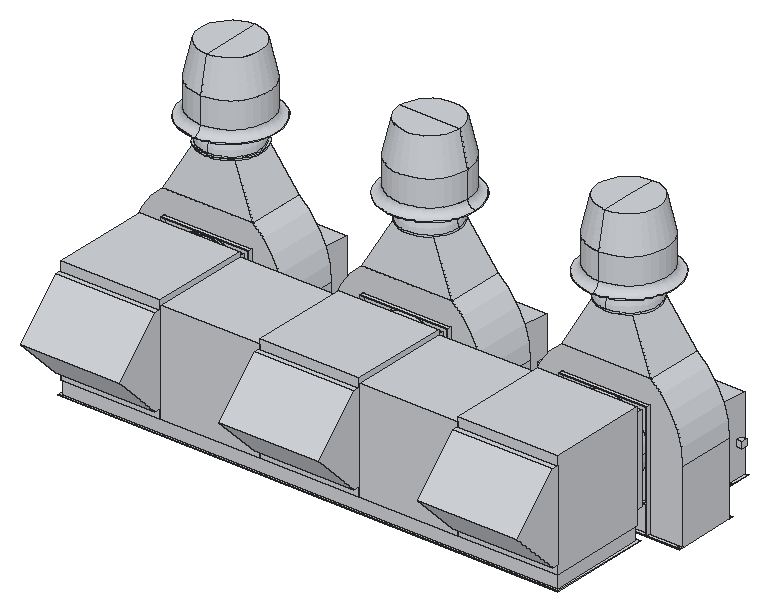
Revit family "Triple_CAVP_with_Mixing_Box", category Mechanical Equipment, Revit 2019 (continued)
Types (228): name | TRIP_Q | TRANSITION/2 | TRANSITION | RO2/2 | RO/2 | MB_P+MB_P+.5 | E/52*30 | E/2-H/2 | E-N-N-H | E-(NOZZLE_RAD/3*2) | TRIP_Q-4.5" | DUAL_Q+.25" | DUAL_Q | R-((B/2)+1.5") | R+((B/2)+1.5") | R*1.1 | R | MB_P-4.5" | MB_P+.25" | P | NOZZLE_WB_RAD-2" | NOZZLE_WB_RAD | NOZZLE_WB_OD | NOZZLE_WB/4 | NOZZLE_TOP_RAD | NOZZLE_TOP_OD | NOZZLE_SIZE | NOZZLE_HEIGHT/7*2 | NOZZLE_HEIGHT | NOZZLE_BOTTOM_RAD-3*2 | NOZZLE_BOTTOM_RAD | NOZZLE_BOTTOM_ID | MB_N-(D-J-K-L) | N+(H/2) | N | MB_Q | MB_P | MB_N | MB_HEIGHT/2 | MB_HEIGHT | MB_F | MB_A | M-(2*(D-L-K-J)) | M | L | K | J+K+L | J | HEIGHT | H/2 | H | F/2 | MB_F-3" | F | E/52*15 | E/2 | E | D-M | D-L-K-J | D | CLASS | C/2 | C | B/4 | B/2 | B | A/2 | A | Type Comments | -MB_P-.25 | -MB_P | -MB_HEIGHT | -(F-((F-H)/2))/2 | -((MB_Q / 2) + 1/8") | (NOZZLE_WB_OD - NOZZLE_TOP_OD) / 4 | (NOZZLE_HEIGHT - (NOZZLE_HEIGHT / 8 * 2)) / 2 | (MB_Q/2)+.125" | (MB_P/2-.125")-((F / 2) - 2") | (MB_P/2-.125")+((F / 2) - 2") | (MB_P/2)+.125" | (M - (2 * (D - L - K - J)))/2 | (F-((F-H)/2))/2 | (E/2)-(E/52*15) | (E/2)-((MB_P/2)+.125") | (E/2)-((B/2)+1.5") | (D-J-K-L)*2 | (B/2)-.125" | (B/2)+1.5" | ((M - (2 * (D - L - K - J))) / 2) + (TRANSITION / 2)
  Triple_135_CAVP-9L_CLASS_1_With_Mixing_Box | 145 3/4" | 4.5299" | 9.05981" | 70 5/8" | 12 1/4" | 58 1/2" | 17.19952" | 5 5/32" | -54 27/32" | 10.63542" | 141 1/4" | 87 5/8" | 87 3/8" | 11 11/16" | 32 5/16" | 24.2" | 22" | 24 1/2" | 29 1/4" | 60" | 9 1/2" | 11 1/2" | 23" | 4.6" | 6 3/4" | 13 1/2" | 9" | 7" | 28" | 13/32" | 6 13/32" | 12 13/16" | 13 5/32" | 69 3/4" | 60" | 29" | 29" | 14 3/16" | 16 3/4" | 33 1/2" | 8 3/8" | 90 13/16" | 10 1/2" | 12 9/16" | 14 17/32" | 12 1/4" | 33 9/32" | 6 1/2" | 35.01912" | 9 3/4" | 19 1/2" | 10 3/4" | 5 3/8" | 21 1/2" | 8.59976" | 14 29/32" | 29 13/16" | 21 3/4" | 1 1/32" | 34 5/16" | 1" | 22 27/32" | 45 11/16" | 4 13/32" | 8 13/16" | 17 5/8" | 36 27/32" | 73 11/16" | "Triple Vari-Plume Laboratory Exhaust Centrifugal Airfoil Class 1 Arr 10 With Mixing Box" | -29 1/4" | -29" | -33 1/2" | -8 3/4" | -14 5/8" | 2 3/8" | 10 1/2" | 14 5/8" | -5 5/8" | -23 1/8" | 14 5/8" | 5 1/4" | 8 3/4" | 6.30649" | 9/32" | 4 19/32" | 2 1/16" | 8 11/16" | 10 5/16" | 9.7799"
  Triple_135_CAVP-9H_CLASS_1_With_Mixing_Box | 145 3/4" | 4.5299" | 9.05981" | 70 5/8" | 12 1/4" | 58 1/2" | 17.19952" | 5 5/32" | -54 27/32" | 10.63542" | 141 1/4" | 87 5/8" | 87 3/8" | 11 11/16" | 32 5/16" | 24.2" | 22" | 24 1/2" | 29 1/4" | 60" | 9 1/2" | 11 1/2" | 23" | 4.6" | 6 3/4" | 13 1/2" | 9" | 7" | 28" | 13/32" | 6 13/32" | 12 13/16" | 13 5/32" | 69 3/4" | 60" | 29" | 29" | 14 3/16" | 16 3/4" | 33 1/2" | 8 3/8" | 90 13/16" | 10 1/2" | 12 9/16" | 14 17/32" | 12 1/4" | 33 9/32" | 6 1/2" | 35.01912" | 9 3/4" | 19 1/2" | 10 3/4" | 5 3/8" | 21 1/2" | 8.59976" | 14 29/32" | 29 13/16" | 21 3/4" | 1 1/32" | 34 5/16" | 1" | 22 27/32" | 45 11/16" | 4 13/32" | 8 13/16" | 17 5/8" | 36 27/32" | 73 11/16" | "Triple Vari-Plume Laboratory Exhaust Centrifugal Airfoil Class 1 Arr 10 With Mixing Box" | -29 1/4" | -29" | -33 1/2" | -8 3/4" | -14 5/8" | 2 3/8" | 10 1/2" | 14 5/8" | -5 5/8" | -23 1/8" | 14 5/8" | 5 1/4" | 8 3/4" | 6.30649" | 9/32" | 4 19/32" | 2 1/16" | 8 11/16" | 10 5/16" | 9.7799"
  Triple_135_CAVP-9L_CLASS_2_With_Mixing_Box | 145 3/4" | 4.5299" | 9.05981" | 70 5/8" | 12 1/4" | 58 1/2" | 17.19952" | 5 5/32" | -54 27/32" | 10.63542" | 141 1/4" | 87 5/8" | 87 3/8" | 11 11/16" | 32 5/16" | 24.2" | 22" | 24 1/2" | 29 1/4" | 60" | 9 1/2" | 11 1/2" | 23" | 4.6" | 6 3/4" | 13 1/2" | 9" | 7" | 28" | 13/32" | 6 13/32" | 12 13/16" | 13 5/32" | 69 3/4" | 60" | 29" | 29" | 14 3/16" | 16 3/4" | 33 1/2" | 8 3/8" | 93 11/16" | 10 1/2" | 12 9/16" | 14 17/32" | 15 3/8" | 36 5/32" | 6 1/4" | 35.01912" | 9 3/4" | 19 1/2" | 10 3/4" | 5 3/8" | 21 1/2" | 8.59976" | 14 29/32" | 29 13/16" | 24 5/8" | 1 1/32" | 37 3/16" | 2" | 22 27/32" | 45 11/16" | 4 13/32" | 8 13/16" | 17 5/8" | 36 27/32" | 73 11/16" | "Triple Vari-Plume Laboratory Exhaust Centrifugal Airfoil Class 2 Arr 10 With Mixing Box" | -29 1/4" | -29" | -33 1/2" | -8 3/4" | -14 5/8" | 2 3/8" | 10 1/2" | 14 5/8" | -5 5/8" | -23 1/8" | 14 5/8" | 5 1/4" | 8 3/4" | 6.30649" | 9/32" | 4 19/32" | 2 1/16" | 8 11/16" | 10 5/16" | 9.7799"
  Triple_135_CAVP-9H_CLASS_2_With_Mixing_Box | 145 3/4" | 4.5299" | 9.05981" | 70 5/8" | 12 1/4" | 58 1/2" | 17.19952" | 5 5/32" | -54 27/32" | 10.63542" | 141 1/4" | 87 5/8" | 87 3/8" | 11 11/16" | 32 5/16" | 24.2" | 22" | 24 1/2" | 29 1/4" | 60" | 9 1/2" | 11 1/2" | 23" | 4.6" | 6 3/4" | 13 1/2" | 9" | 7" | 28" | 13/32" | 6 13/32" | 12 13/16" | 13 5/32" | 69 3/4" | 60" | 29" | 29" | 14 3/16" | 16 3/4" | 33 1/2" | 8 3/8" | 93 11/16" | 10 1/2" | 12 9/16" | 14 17/32" | 15 3/8" | 36 5/32" | 6 1/4" | 35.01912" | 9 3/4" | 19 1/2" | 10 3/4" | 5 3/8" | 21 1/2" | 8.59976" | 14 29/32" | 29 13/16" | 24 5/8" | 1 1/32" | 37 3/16" | 2" | 22 27/32" | 45 11/16" | 4 13/32" | 8 13/16" | 17 5/8" | 36 27/32" | 73 11/16" | "Triple Vari-Plume Laboratory Exhaust Centrifugal Airfoil Class 2 Arr 10 With Mixing Box" | -29 1/4" | -29" | -33 1/2" | -8 3/4" | -14 5/8" | 2 3/8" | 10 1/2" | 14 5/8" | -5 5/8" | -23 1/8" | 14 5/8" | 5 1/4" | 8 3/4" | 6.30649" | 9/32" | 4 19/32" | 2 1/16" | 8 11/16" | 10 5/16" | 9.7799"
  Triple_150_CAVP-9L_CLASS_1_With_Mixing_Box | 150 3/4" | 4.5299" | 9.05981" | 73 1/8" | 12 3/4" | 60 1/2" | 18.96635" | 6 11/16" | -53 5/16" | 12.16667" | 146 1/4" | 90 5/8" | 90 3/8" | 10 15/16" | 33 1/16" | 24.2" | 22" | 25 1/2" | 30 1/4" | 60" | 9 1/2" | 11 1/2" | 23" | 4.6" | 6 3/4" | 13 1/2" | 9" | 7" | 28" | 13/32" | 6 13/32" | 12 13/16" | 13 5/32" | 69 3/4" | 60" | 30" | 30" | 14 3/16" | 17 1/2" | 35" | 7 5/8" | 94 3/16" | 11 5/8" | 13 11/16" | 15 21/32" | 12 1/4" | 34 13/32" | 6 1/2" | 36.35651" | 9 3/4" | 19 1/2" | 10 3/4" | 4 5/8" | 21 1/2" | 9.48317" | 16 7/16" | 32 7/8" | 21 3/4" | 1 1/32" | 35 7/16" | 1" | 23 3/8" | 46 3/4" | 4 25/32" | 9 9/16" | 19 1/8" | 39" | 78" | "Triple Vari-Plume Laboratory Exhaust Centrifugal Airfoil Class 1 Arr 10 With Mixing Box" | -30 1/4" | -30" | -35" | -8 3/4" | -15 1/8" | 2 3/8" | 10 1/2" | 15 1/8" | -6 1/8" | -23 5/8" | 15 1/8" | 5 13/16" | 8 3/4" | 6.95433" | 1 5/16" | 5 3/8" | 2 1/16" | 9 7/16" | 11 1/16" | 10.3424"
  Triple_150_CAVP-9H_CLASS_1_With_Mixing_Box | 150 3/4" | 4.5299" | 9.05981" | 73 1/8" | 12 3/4" | 60 1/2" | 18.96635" | 6 11/16" | -53 5/16" | 12.16667" | 146 1/4" | 90 5/8" | 90 3/8" | 10 15/16" | 33 1/16" | 24.2" | 22" | 25 1/2" | 30 1/4" | 60" | 9 1/2" | 11 1/2" | 23" | 4.6" | 6 3/4" | 13 1/2" | 9" | 7" | 28" | 13/32" | 6 13/32" | 12 13/16" | 13 5/32" | 69 3/4" | 60" | 30" | 30" | 14 3/16" | 17 1/2" | 35" | 7 5/8" | 94 3/16" | 11 5/8" | 13 11/16" | 15 21/32" | 12 1/4" | 34 13/32" | 6 1/2" | 36.35651" | 9 3/4" | 19 1/2" | 10 3/4" | 4 5/8" | 21 1/2" | 9.48317" | 16 7/16" | 32 7/8" | 21 3/4" | 1 1/32" | 35 7/16" | 1" | 23 3/8" | 46 3/4" | 4 25/32" | 9 9/16" | 19 1/8" | 39" | 78" | "Triple Vari-Plume Laboratory Exhaust Centrifugal Airfoil Class 1 Arr 10 With Mixing Box" | -30 1/4" | -30" | -35" | -8 3/4" | -15 1/8" | 2 3/8" | 10 1/2" | 15 1/8" | -6 1/8" | -23 5/8" | 15 1/8" | 5 13/16" | 8 3/4" | 6.95433" | 1 5/16" | 5 3/8" | 2 1/16" | 9 7/16" | 11 1/16" | 10.3424"
  Triple_150_CAVP-9L_CLASS_2_With_Mixing_Box | 150 3/4" | 4.5299" | 9.05981" | 73 1/8" | 12 3/4" | 60 1/2" | 18.96635" | 6 11/16" | -53 5/16" | 12.16667" | 146 1/4" | 90 5/8" | 90 3/8" | 10 15/16" | 33 1/16" | 24.2" | 22" | 25 1/2" | 30 1/4" | 60" | 9 1/2" | 11 1/2" | 23" | 4.6" | 6 3/4" | 13 1/2" | 9" | 7" | 28" | 13/32" | 6 13/32" | 12 13/16" | 13 5/32" | 69 3/4" | 60" | 30" | 30" | 14 3/16" | 17 1/2" | 35" | 7 5/8" | 97 1/16" | 11 5/8" | 13 11/16" | 15 21/32" | 15 3/8" | 37 9/32" | 6 1/4" | 36.35651" | 9 3/4" | 19 1/2" | 10 3/4" | 4 5/8" | 21 1/2" | 9.48317" | 16 7/16" | 32 7/8" | 24 5/8" | 1 1/32" | 38 5/16" | 2" | 23 3/8" | 46 3/4" | 4 25/32" | 9 9/16" | 19 1/8" | 39" | 78" | "Triple Vari-Plume Laboratory Exhaust Centrifugal Airfoil Class 2 Arr 10 With Mixing Box" | -30 1/4" | -30" | -35" | -8 3/4" | -15 1/8" | 2 3/8" | 10 1/2" | 15 1/8" | -6 1/8" | -23 5/8" | 15 1/8" | 5 13/16" | 8 3/4" | 6.95433" | 1 5/16" | 5 3/8" | 2 1/16" | 9 7/16" | 11 1/16" | 10.3424"
  Triple_150_CAVP-9H_CLASS_2_With_Mixing_Box | 150 3/4" | 4.5299" | 9.05981" | 73 1/8" | 12 3/4" | 60 1/2" | 18.96635" | 6 11/16" | -53 5/16" | 12.16667" | 146 1/4" | 90 5/8" | 90 3/8" | 10 15/16" | 33 1/16" | 24.2" | 22" | 25 1/2" | 30 1/4" | 60" | 9 1/2" | 11 1/2" | 23" | 4.6" | 6 3/4" | 13 1/2" | 9" | 7" | 28" | 13/32" | 6 13/32" | 12 13/16" | 13 5/32" | 69 3/4" | 60" | 30" | 30" | 14 3/16" | 17 1/2" | 35" | 7 5/8" | 97 1/16" | 11 5/8" | 13 11/16" | 15 21/32" | 15 3/8" | 37 9/32" | 6 1/4" | 36.35651" | 9 3/4" | 19 1/2" | 10 3/4" | 4 5/8" | 21 1/2" | 9.48317" | 16 7/16" | 32 7/8" | 24 5/8" | 1 1/32" | 38 5/16" | 2" | 23 3/8" | 46 3/4" | 4 25/32" | 9 9/16" | 19 1/8" | 39" | 78" | "Triple Vari-Plume Laboratory Exhaust Centrifugal Airfoil Class 2 Arr 10 With Mixing Box" | -30 1/4" | -30" | -35" | -8 3/4" | -15 1/8" | 2 3/8" | 10 1/2" | 15 1/8" | -6 1/8" | -23 5/8" | 15 1/8" | 5 13/16" | 8 3/4" | 6.95433" | 1 5/16" | 5 3/8" | 2 1/16" | 9 7/16" | 11 1/16" | 10.3424"
  Triple_150_CAVP-12H_CLASS_2_With_Mixing_Box | 150 3/4" | 6.0325" | 12.06501" | 73 1/8" | 12 3/4" | 60 1/2" | 18.96635" | 6 11/16" | -53 5/16" | 10 3/4" | 146 1/4" | 90 5/8" | 90 3/8" | 10 15/16" | 33 1/16" | 24.2" | 22" | 25 1/2" | 30 1/4" | 60" | 12" | 14" | 28" | 5.6" | 9 3/4" | 19 1/2" | 12" | 8" | 32" | 2 17/32" | 8 17/32" | 17 1/16" | 13 5/32" | 69 3/4" | 60" | 30" | 30" | 14 3/16" | 17 1/2" | 35" | 7 5/8" | 97 1/16" | 11 5/8" | 13 11/16" | 15 21/32" | 15 3/8" | 37 9/32" | 6 1/4" | 36.35651" | 9 3/4" | 19 1/2" | 10 3/4" | 4 5/8" | 21 1/2" | 9.48317" | 16 7/16" | 32 7/8" | 24 5/8" | 1 1/32" | 38 5/16" | 2" | 23 3/8" | 46 3/4" | 4 25/32" | 9 9/16" | 19 1/8" | 39" | 78" | "Triple Vari-Plume Laboratory Exhaust Centrifugal Airfoil Class 2 Arr 10 With Mixing Box" | -30 1/4" | -30" | -35" | -8 3/4" | -15 1/8" | 2 1/8" | 12" | 15 1/8" | -6 1/8" | -23 5/8" | 15 1/8" | 5 13/16" | 8 3/4" | 6.95433" | 1 5/16" | 5 3/8" | 2 1/16" | 9 7/16" | 11 1/16" | 11.845"
  Triple_150_CAVP-12L_CLASS_2_With_Mixing_Box | 150 3/4" | 6.0325" | 12.06501" | 73 1/8" | 12 3/4" | 60 1/2" | 18.96635" | 6 11/16" | -53 5/16" | 10 3/4" | 146 1/4" | 90 5/8" | 90 3/8" | 10 15/16" | 33 1/16" | 24.2" | 22" | 25 1/2" | 30 1/4" | 60" | 12" | 14" | 28" | 5.6" | 9 3/4" | 19 1/2" | 12" | 8" | 32" | 2 17/32" | 8 17/32" | 17 1/16" | 13 5/32" | 69 3/4" | 60" | 30" | 30" | 14 3/16" | 17 1/2" | 35" | 7 5/8" | 97 1/16" | 11 5/8" | 13 11/16" | 15 21/32" | 15 3/8" | 37 9/32" | 6 1/4" | 36.35651" | 9 3/4" | 19 1/2" | 10 3/4" | 4 5/8" | 21 1/2" | 9.48317" | 16 7/16" | 32 7/8" | 24 5/8" | 1 1/32" | 38 5/16" | 2" | 23 3/8" | 46 3/4" | 4 25/32" | 9 9/16" | 19 1/8" | 39" | 78" | "Triple Vari-Plume Laboratory Exhaust Centrifugal Airfoil Class 2 Arr 10 With Mixing Box" | -30 1/4" | -30" | -35" | -8 3/4" | -15 1/8" | 2 1/8" | 12" | 15 1/8" | -6 1/8" | -23 5/8" | 15 1/8" | 5 13/16" | 8 3/4" | 6.95433" | 1 5/16" | 5 3/8" | 2 1/16" | 9 7/16" | 11 1/16" | 11.845"
  Triple_150_CAVP-12H_CLASS_1_With_Mixing_Box | 150 3/4" | 6.0325" | 12.06501" | 73 1/8" | 12 3/4" | 60 1/2" | 18.96635" | 6 11/16" | -53 5/16" | 10 3/4" | 146 1/4" | 90 5/8" | 90 3/8" | 10 15/16" | 33 1/16" | 24.2" | 22" | 25 1/2" | 30 1/4" | 60" | 12" | 14" | 28" | 5.6" | 9 3/4" | 19 1/2" | 12" | 8" | 32" | 2 17/32" | 8 17/32" | 17 1/16" | 13 5/32" | 69 3/4" | 60" | 30" | 30" | 14 3/16" | 17 1/2" | 35" | 7 5/8" | 94 3/16" | 11 5/8" | 13 11/16" | 15 21/32" | 12 1/4" | 34 13/32" | 6 1/2" | 36.35651" | 9 3/4" | 19 1/2" | 10 3/4" | 4 5/8" | 21 1/2" | 9.48317" | 16 7/16" | 32 7/8" | 21 3/4" | 1 1/32" | 35 7/16" | 1" | 23 3/8" | 46 3/4" | 4 25/32" | 9 9/16" | 19 1/8" | 39" | 78" | "Triple Vari-Plume Laboratory Exhaust Centrifugal Airfoil Class 1 Arr 10 With Mixing Box" | -30 1/4" | -30" | -35" | -8 3/4" | -15 1/8" | 2 1/8" | 12" | 15 1/8" | -6 1/8" | -23 5/8" | 15 1/8" | 5 13/16" | 8 3/4" | 6.95433" | 1 5/16" | 5 3/8" | 2 1/16" | 9 7/16" | 11 1/16" | 11.845"
  Triple_150_CAVP-12L_CLASS_1_With_Mixing_Box | 150 3/4" | 6.0325" | 12.06501" | 73 1/8" | 12 3/4" | 60 1/2" | 18.96635" | 6 11/16" | -53 5/16" | 10 3/4" | 146 1/4" | 90 5/8" | 90 3/8" | 10 15/16" | 33 1/16" | 24.2" | 22" | 25 1/2" | 30 1/4" | 60" | 12" | 14" | 28" | 5.6" | 9 3/4" | 19 1/2" | 12" | 8" | 32" | 2 17/32" | 8 17/32" | 17 1/16" | 13 5/32" | 69 3/4" | 60" | 30" | 30" | 14 3/16" | 17 1/2" | 35" | 7 5/8" | 94 3/16" | 11 5/8" | 13 11/16" | 15 21/32" | 12 1/4" | 34 13/32" | 6 1/2" | 36.35651" | 9 3/4" | 19 1/2" | 10 3/4" | 4 5/8" | 21 1/2" | 9.48317" | 16 7/16" | 32 7/8" | 21 3/4" | 1 1/32" | 35 7/16" | 1" | 23 3/8" | 46 3/4" | 4 25/32" | 9 9/16" | 19 1/8" | 39" | 78" | "Triple Vari-Plume Laboratory Exhaust Centrifugal Airfoil Class 1 Arr 10 With Mixing Box" | -30 1/4" | -30" | -35" | -8 3/4" | -15 1/8" | 2 1/8" | 12" | 15 1/8" | -6 1/8" | -23 5/8" | 15 1/8" | 5 13/16" | 8 3/4" | 6.95433" | 1 5/16" | 5 3/8" | 2 1/16" | 9 7/16" | 11 1/16" | 11.845"
  Triple_165_CAVP-9L_CLASS_1_With_Mixing_Box | 160 3/4" | 4.5299" | 9.05981" | 78 1/8" | 13 3/4" | 64 1/2" | 20.76923" | 5 15/16" | -54 1/16" | 13.72917" | 156 1/4" | 96 5/8" | 96 3/8" | 12 5/32" | 36 11/32" | 26.675" | 24 1/4" | 27 1/2" | 32 1/4" | 60" | 9 1/2" | 11 1/2" | 23" | 4.6" | 6 3/4" | 13 1/2" | 9" | 7" | 28" | 13/32" | 6 13/32" | 12 13/16" | 13 5/32" | 72 1/16" | 60" | 32" | 32" | 14 3/16" | 18 1/2" | 37" | 8 7/8" | 99" | 12 13/16" | 14 7/8" | 16 27/32" | 12 1/4" | 36 19/32" | 7 1/2" | 39.9712" | 12 1/16" | 24 1/8" | 13 1/16" | 5 7/8" | 26 1/8" | 10.38462" | 18" | 36" | 22 3/4" | 1 1/32" | 37 5/8" | 1" | 25 13/32" | 50 13/16" | 5 19/64" | 10 19/32" | 21 3/16" | 41 1/32" | 82 1/16" | "Triple Vari-Plume Laboratory Exhaust Centrifugal Airfoil Class 1 Arr 10 With Mixing Box" | -32 1/4" | -32" | -37" | -11 1/16" | -16 1/8" | 2 3/8" | 10 1/2" | 16 1/8" | -4 13/16" | -26 15/16" | 16 1/8" | 6 13/32" | 11 1/16" | 7.61538" | 1 7/8" | 5 29/32" | 2 1/16" | 10 15/32" | 12 3/32" | 10.93615"
  Triple_165_CAVP-9H_CLASS_1_With_Mixing_Box | 160 3/4" | 4.5299" | 9.05981" | 78 1/8" | 13 3/4" | 64 1/2" | 20.76923" | 5 15/16" | -54 1/16" | 13.72917" | 156 1/4" | 96 5/8" | 96 3/8" | 12 5/32" | 36 11/32" | 26.675" | 24 1/4" | 27 1/2" | 32 1/4" | 60" | 9 1/2" | 11 1/2" | 23" | 4.6" | 6 3/4" | 13 1/2" | 9" | 7" | 28" | 13/32" | 6 13/32" | 12 13/16" | 13 5/32" | 72 1/16" | 60" | 32" | 32" | 14 3/16" | 18 1/2" | 37" | 8 7/8" | 99" | 12 13/16" | 14 7/8" | 16 27/32" | 12 1/4" | 36 19/32" | 7 1/2" | 39.9712" | 12 1/16" | 24 1/8" | 13 1/16" | 5 7/8" | 26 1/8" | 10.38462" | 18" | 36" | 22 3/4" | 1 1/32" | 37 5/8" | 1" | 25 13/32" | 50 13/16" | 5 19/64" | 10 19/32" | 21 3/16" | 41 1/32" | 82 1/16" | "Triple Vari-Plume Laboratory Exhaust Centrifugal Airfoil Class 1 Arr 10 With Mixing Box" | -32 1/4" | -32" | -37" | -11 1/16" | -16 1/8" | 2 3/8" | 10 1/2" | 16 1/8" | -4 13/16" | -26 15/16" | 16 1/8" | 6 13/32" | 11 1/16" | 7.61538" | 1 7/8" | 5 29/32" | 2 1/16" | 10 15/32" | 12 3/32" | 10.93615"
  Triple_165_CAVP-12L_CLASS_1_With_Mixing_Box | 160 3/4" | 6.0325" | 12.06501" | 78 1/8" | 13 3/4" | 64 1/2" | 20.76923" | 5 15/16" | -54 1/16" | 12 5/16" | 156 1/4" | 96 5/8" | 96 3/8" | 12 5/32" | 36 11/32" | 26.675" | 24 1/4" | 27 1/2" | 32 1/4" | 60" | 12" | 14" | 28" | 5.6" | 9 3/4" | 19 1/2" | 12" | 8" | 32" | 2 17/32" | 8 17/32" | 17 1/16" | 13 5/32" | 72 1/16" | 60" | 32" | 32" | 14 3/16" | 18 1/2" | 37" | 8 7/8" | 99" | 12 13/16" | 14 7/8" | 16 27/32" | 12 1/4" | 36 19/32" | 7 1/2" | 39.9712" | 12 1/16" | 24 1/8" | 13 1/16" | 5 7/8" | 26 1/8" | 10.38462" | 18" | 36" | 22 3/4" | 1 1/32" | 37 5/8" | 1" | 25 13/32" | 50 13/16" | 5 19/64" | 10 19/32" | 21 3/16" | 41 1/32" | 82 1/16" | "Triple Vari-Plume Laboratory Exhaust Centrifugal Airfoil Class 1 Arr 10 With Mixing Box" | -32 1/4" | -32" | -37" | -11 1/16" | -16 1/8" | 2 1/8" | 12" | 16 1/8" | -4 13/16" | -26 15/16" | 16 1/8" | 6 13/32" | 11 1/16" | 7.61538" | 1 7/8" | 5 29/32" | 2 1/16" | 10 15/32" | 12 3/32" | 12.43875"
  Triple_165_CAVP-12H_CLASS_1_With_Mixing_Box | 160 3/4" | 6.0325" | 12.06501" | 78 1/8" | 13 3/4" | 64 1/2" | 20.76923" | 5 15/16" | -54 1/16" | 12 5/16" | 156 1/4" | 96 5/8" | 96 3/8" | 12 5/32" | 36 11/32" | 26.675" | 24 1/4" | 27 1/2" | 32 1/4" | 60" | 12" | 14" | 28" | 5.6" | 9 3/4" | 19 1/2" | 12" | 8" | 32" | 2 17/32" | 8 17/32" | 17 1/16" | 13 5/32" | 72 1/16" | 60" | 32" | 32" | 14 3/16" | 18 1/2" | 37" | 8 7/8" | 99" | 12 13/16" | 14 7/8" | 16 27/32" | 12 1/4" | 36 19/32" | 7 1/2" | 39.9712" | 12 1/16" | 24 1/8" | 13 1/16" | 5 7/8" | 26 1/8" | 10.38462" | 18" | 36" | 22 3/4" | 1 1/32" | 37 5/8" | 1" | 25 13/32" | 50 13/16" | 5 19/64" | 10 19/32" | 21 3/16" | 41 1/32" | 82 1/16" | "Triple Vari-Plume Laboratory Exhaust Centrifugal Airfoil Class 1 Arr 10 With Mixing Box" | -32 1/4" | -32" | -37" | -11 1/16" | -16 1/8" | 2 1/8" | 12" | 16 1/8" | -4 13/16" | -26 15/16" | 16 1/8" | 6 13/32" | 11 1/16" | 7.61538" | 1 7/8" | 5 29/32" | 2 1/16" | 10 15/32" | 12 3/32" | 12.43875"
  Triple_165_CAVP-9L_CLASS_2_With_Mixing_Box | 160 3/4" | 4.5299" | 9.05981" | 78 1/8" | 13 3/4" | 64 1/2" | 20.76923" | 5 15/16" | -54 1/16" | 13.72917" | 156 1/4" | 96 5/8" | 96 3/8" | 12 5/32" | 36 11/32" | 26.675" | 24 1/4" | 27 1/2" | 32 1/4" | 60" | 9 1/2" | 11 1/2" | 23" | 4.6" | 6 3/4" | 13 1/2" | 9" | 7" | 28" | 13/32" | 6 13/32" | 12 13/16" | 13 5/32" | 72 1/16" | 60" | 32" | 32" | 14 3/16" | 18 1/2" | 37" | 8 7/8" | 105 7/8" | 12 13/16" | 14 7/8" | 16 27/32" | 19 3/8" | 43 15/32" | 7 1/4" | 39.9712" | 12 1/16" | 24 1/8" | 13 1/16" | 5 7/8" | 26 1/8" | 10.38462" | 18" | 36" | 29 5/8" | 1 1/32" | 44 1/2" | 2" | 25 13/32" | 50 13/16" | 5 19/64" | 10 19/32" | 21 3/16" | 41 1/32" | 82 1/16" | "Triple Vari-Plume Laboratory Exhaust Centrifugal Airfoil Class 2 Arr 10 With Mixing Box" | -32 1/4" | -32" | -37" | -11 1/16" | -16 1/8" | 2 3/8" | 10 1/2" | 16 1/8" | -4 13/16" | -26 15/16" | 16 1/8" | 6 13/32" | 11 1/16" | 7.61538" | 1 7/8" | 5 29/32" | 2 1/16" | 10 15/32" | 12 3/32" | 10.93615"
  Triple_165_CAVP-9H_CLASS_2_With_Mixing_Box | 160 3/4" | 4.5299" | 9.05981" | 78 1/8" | 13 3/4" | 64 1/2" | 20.76923" | 5 15/16" | -54 1/16" | 13.72917" | 156 1/4" | 96 5/8" | 96 3/8" | 12 5/32" | 36 11/32" | 26.675" | 24 1/4" | 27 1/2" | 32 1/4" | 60" | 9 1/2" | 11 1/2" | 23" | 4.6" | 6 3/4" | 13 1/2" | 9" | 7" | 28" | 13/32" | 6 13/32" | 12 13/16" | 13 5/32" | 72 1/16" | 60" | 32" | 32" | 14 3/16" | 18 1/2" | 37" | 8 7/8" | 105 7/8" | 12 13/16" | 14 7/8" | 16 27/32" | 19 3/8" | 43 15/32" | 7 1/4" | 39.9712" | 12 1/16" | 24 1/8" | 13 1/16" | 5 7/8" | 26 1/8" | 10.38462" | 18" | 36" | 29 5/8" | 1 1/32" | 44 1/2" | 2" | 25 13/32" | 50 13/16" | 5 19/64" | 10 19/32" | 21 3/16" | 41 1/32" | 82 1/16" | "Triple Vari-Plume Laboratory Exhaust Centrifugal Airfoil Class 2 Arr 10 With Mixing Box" | -32 1/4" | -32" | -37" | -11 1/16" | -16 1/8" | 2 3/8" | 10 1/2" | 16 1/8" | -4 13/16" | -26 15/16" | 16 1/8" | 6 13/32" | 11 1/16" | 7.61538" | 1 7/8" | 5 29/32" | 2 1/16" | 10 15/32" | 12 3/32" | 10.93615"
  Triple_165_CAVP-12L_CLASS_2_With_Mixing_Box | 160 3/4" | 6.0325" | 12.06501" | 78 1/8" | 13 3/4" | 64 1/2" | 20.76923" | 5 15/16" | -54 1/16" | 12 5/16" | 156 1/4" | 96 5/8" | 96 3/8" | 12 5/32" | 36 11/32" | 26.675" | 24 1/4" | 27 1/2" | 32 1/4" | 60" | 12" | 14" | 28" | 5.6" | 9 3/4" | 19 1/2" | 12" | 8" | 32" | 2 17/32" | 8 17/32" | 17 1/16" | 13 5/32" | 72 1/16" | 60" | 32" | 32" | 14 3/16" | 18 1/2" | 37" | 8 7/8" | 105 7/8" | 12 13/16" | 14 7/8" | 16 27/32" | 19 3/8" | 43 15/32" | 7 1/4" | 39.9712" | 12 1/16" | 24 1/8" | 13 1/16" | 5 7/8" | 26 1/8" | 10.38462" | 18" | 36" | 29 5/8" | 1 1/32" | 44 1/2" | 2" | 25 13/32" | 50 13/16" | 5 19/64" | 10 19/32" | 21 3/16" | 41 1/32" | 82 1/16" | "Triple Vari-Plume Laboratory Exhaust Centrifugal Airfoil Class 2 Arr 10 With Mixing Box" | -32 1/4" | -32" | -37" | -11 1/16" | -16 1/8" | 2 1/8" | 12" | 16 1/8" | -4 13/16" | -26 15/16" | 16 1/8" | 6 13/32" | 11 1/16" | 7.61538" | 1 7/8" | 5 29/32" | 2 1/16" | 10 15/32" | 12 3/32" | 12.43875"
  Triple_165_CAVP-12H_CLASS_2_With_Mixing_Box | 160 3/4" | 6.0325" | 12.06501" | 78 1/8" | 13 3/4" | 64 1/2" | 20.76923" | 5 15/16" | -54 1/16" | 12 5/16" | 156 1/4" | 96 5/8" | 96 3/8" | 12 5/32" | 36 11/32" | 26.675" | 24 1/4" | 27 1/2" | 32 1/4" | 60" | 12" | 14" | 28" | 5.6" | 9 3/4" | 19 1/2" | 12" | 8" | 32" | 2 17/32" | 8 17/32" | 17 1/16" | 13 5/32" | 72 1/16" | 60" | 32" | 32" | 14 3/16" | 18 1/2" | 37" | 8 7/8" | 105 7/8" | 12 13/16" | 14 7/8" | 16 27/32" | 19 3/8" | 43 15/32" | 7 1/4" | 39.9712" | 12 1/16" | 24 1/8" | 13 1/16" | 5 7/8" | 26 1/8" | 10.38462" | 18" | 36" | 29 5/8" | 1 1/32" | 44 1/2" | 2" | 25 13/32" | 50 13/16" | 5 19/64" | 10 19/32" | 21 3/16" | 41 1/32" | 82 1/16" | "Triple Vari-Plume Laboratory Exhaust Centrifugal Airfoil Class 2 Arr 10 With Mixing Box" | -32 1/4" | -32" | -37" | -11 1/16" | -16 1/8" | 2 1/8" | 12" | 16 1/8" | -4 13/16" | -26 15/16" | 16 1/8" | 6 13/32" | 11 1/16" | 7.61538" | 1 7/8" | 5 29/32" | 2 1/16" | 10 15/32" | 12 3/32" | 12.43875"
  Triple_180_CAVP-9H_CLASS_1_With_Mixing_Box | 170 3/4" | 4.5299" | 9.05981" | 83 1/8" | 14 3/4" | 68 1/2" | 22.53606" | 7 15/32" | -52 17/32" | 15.26042" | 166 1/4" | 102 5/8" | 102 3/8" | 11 13/32" | 37 3/32" | 26.675" | 24 1/4" | 29 1/2" | 34 1/4" | 60" | 9 1/2" | 11 1/2" | 23" | 4.6" | 6 3/4" | 13 1/2" | 9" | 7" | 28" | 13/32" | 6 13/32" | 12 13/16" | 13 5/32" | 72 1/16" | 60" | 34" | 34" | 14 3/16" | 19 1/4" | 38 1/2" | 8 1/8" | 106 5/8" | 13 15/16" | 16" | 17 31/32" | 15 1/8" | 41 3/32" | 8" | 41 79/256" | 12 1/16" | 24 1/8" | 13 1/16" | 5 1/8" | 26 1/8" | 11.26803" | 19 17/32" | 39 1/16" | 26 1/8" | 1 1/32" | 42 1/8" | 1" | 26 13/32" | 52 13/16" | 5 43/64" | 11 11/32" | 22 11/16" | 42 1/32" | 84 1/16" | "Triple Vari-Plume Laboratory Exhaust Centrifugal Airfoil Class 1 Arr 10 With Mixing Box" | -34 1/4" | -34" | -38 1/2" | -11 1/16" | -17 1/8" | 2 3/8" | 10 1/2" | 17 1/8" | -5 13/16" | -27 15/16" | 17 1/8" | 6 31/32" | 11 1/16" | 8.26322" | 2 13/32" | 6 11/16" | 2 1/16" | 11 7/32" | 12 27/32" | 11.49865"
  Triple_180_CAVP-9L_CLASS_1_With_Mixing_Box | 170 3/4" | 4.5299" | 9.05981" | 83 1/8" | 14 3/4" | 68 1/2" | 22.53606" | 7 15/32" | -52 17/32" | 15.26042" | 166 1/4" | 102 5/8" | 102 3/8" | 11 13/32" | 37 3/32" | 26.675" | 24 1/4" | 29 1/2" | 34 1/4" | 60" | 9 1/2" | 11 1/2" | 23" | 4.6" | 6 3/4" | 13 1/2" | 9" | 7" | 28" | 13/32" | 6 13/32" | 12 13/16" | 13 5/32" | 72 1/16" | 60" | 34" | 34" | 14 3/16" | 19 1/4" | 38 1/2" | 8 1/8" | 106 5/8" | 13 15/16" | 16" | 17 31/32" | 15 1/8" | 41 3/32" | 8" | 41 79/256" | 12 1/16" | 24 1/8" | 13 1/16" | 5 1/8" | 26 1/8" | 11.26803" | 19 17/32" | 39 1/16" | 26 1/8" | 1 1/32" | 42 1/8" | 1" | 26 13/32" | 52 13/16" | 5 43/64" | 11 11/32" | 22 11/16" | 42 1/32" | 84 1/16" | "Triple Vari-Plume Laboratory Exhaust Centrifugal Airfoil Class 1 Arr 10 With Mixing Box" | -34 1/4" | -34" | -38 1/2" | -11 1/16" | -17 1/8" | 2 3/8" | 10 1/2" | 17 1/8" | -5 13/16" | -27 15/16" | 17 1/8" | 6 31/32" | 11 1/16" | 8.26322" | 2 13/32" | 6 11/16" | 2 1/16" | 11 7/32" | 12 27/32" | 11.49865"
  Triple_180_CAVP-12H_CLASS_1_With_Mixing_Box | 170 3/4" | 6.0325" | 12.06501" | 83 1/8" | 14 3/4" | 68 1/2" | 22.53606" | 7 15/32" | -52 17/32" | 13 27/32" | 166 1/4" | 102 5/8" | 102 3/8" | 11 13/32" | 37 3/32" | 26.675" | 24 1/4" | 29 1/2" | 34 1/4" | 60" | 12" | 14" | 28" | 5.6" | 9 3/4" | 19 1/2" | 12" | 8" | 32" | 2 17/32" | 8 17/32" | 17 1/16" | 13 5/32" | 72 1/16" | 60" | 34" | 34" | 14 3/16" | 19 1/4" | 38 1/2" | 8 1/8" | 106 5/8" | 13 15/16" | 16" | 17 31/32" | 15 1/8" | 41 3/32" | 8" | 41 79/256" | 12 1/16" | 24 1/8" | 13 1/16" | 5 1/8" | 26 1/8" | 11.26803" | 19 17/32" | 39 1/16" | 26 1/8" | 1 1/32" | 42 1/8" | 1" | 26 13/32" | 52 13/16" | 5 43/64" | 11 11/32" | 22 11/16" | 42 1/32" | 84 1/16" | "Triple Vari-Plume Laboratory Exhaust Centrifugal Airfoil Class 1 Arr 10 With Mixing Box" | -34 1/4" | -34" | -38 1/2" | -11 1/16" | -17 1/8" | 2 1/8" | 12" | 17 1/8" | -5 13/16" | -27 15/16" | 17 1/8" | 6 31/32" | 11 1/16" | 8.26322" | 2 13/32" | 6 11/16" | 2 1/16" | 11 7/32" | 12 27/32" | 13.00125"
  Triple_180_CAVP-12L_CLASS_1_With_Mixing_Box | 170 3/4" | 6.0325" | 12.06501" | 83 1/8" | 14 3/4" | 68 1/2" | 22.53606" | 7 15/32" | -52 17/32" | 13 27/32" | 166 1/4" | 102 5/8" | 102 3/8" | 11 13/32" | 37 3/32" | 26.675" | 24 1/4" | 29 1/2" | 34 1/4" | 60" | 12" | 14" | 28" | 5.6" | 9 3/4" | 19 1/2" | 12" | 8" | 32" | 2 17/32" | 8 17/32" | 17 1/16" | 13 5/32" | 72 1/16" | 60" | 34" | 34" | 14 3/16" | 19 1/4" | 38 1/2" | 8 1/8" | 106 5/8" | 13 15/16" | 16" | 17 31/32" | 15 1/8" | 41 3/32" | 8" | 41 79/256" | 12 1/16" | 24 1/8" | 13 1/16" | 5 1/8" | 26 1/8" | 11.26803" | 19 17/32" | 39 1/16" | 26 1/8" | 1 1/32" | 42 1/8" | 1" | 26 13/32" | 52 13/16" | 5 43/64" | 11 11/32" | 22 11/16" | 42 1/32" | 84 1/16" | "Triple Vari-Plume Laboratory Exhaust Centrifugal Airfoil Class 1 Arr 10 With Mixing Box" | -34 1/4" | -34" | -38 1/2" | -11 1/16" | -17 1/8" | 2 1/8" | 12" | 17 1/8" | -5 13/16" | -27 15/16" | 17 1/8" | 6 31/32" | 11 1/16" | 8.26322" | 2 13/32" | 6 11/16" | 2 1/16" | 11 7/32" | 12 27/32" | 13.00125"
  Triple_180_CAVP-9H_CLASS_2_With_Mixing_Box | 170 3/4" | 4.5299" | 9.05981" | 83 1/8" | 14 3/4" | 68 1/2" | 22.53606" | 7 15/32" | -52 17/32" | 15.26042" | 166 1/4" | 102 5/8" | 102 3/8" | 11 13/32" | 37 3/32" | 26.675" | 24 1/4" | 29 1/2" | 34 1/4" | 60" | 9 1/2" | 11 1/2" | 23" | 4.6" | 6 3/4" | 13 1/2" | 9" | 7" | 28" | 13/32" | 6 13/32" | 12 13/16" | 13 5/32" | 72 1/16" | 60" | 34" | 34" | 14 3/16" | 19 1/4" | 38 1/2" | 8 1/8" | 110 5/8" | 13 15/16" | 16" | 17 31/32" | 19 3/8" | 45 3/32" | 7 3/4" | 41 79/256" | 12 1/16" | 24 1/8" | 13 1/16" | 5 1/8" | 26 1/8" | 11.26803" | 19 17/32" | 39 1/16" | 30 1/8" | 1 1/32" | 46 1/8" | 2" | 26 13/32" | 52 13/16" | 5 43/64" | 11 11/32" | 22 11/16" | 42 1/32" | 84 1/16" | "Triple Vari-Plume Laboratory Exhaust Centrifugal Airfoil Class 2 Arr 10 With Mixing Box" | -34 1/4" | -34" | -38 1/2" | -11 1/16" | -17 1/8" | 2 3/8" | 10 1/2" | 17 1/8" | -5 13/16" | -27 15/16" | 17 1/8" | 6 31/32" | 11 1/16" | 8.26322" | 2 13/32" | 6 11/16" | 2 1/16" | 11 7/32" | 12 27/32" | 11.49865"
  Triple_180_CAVP-9L_CLASS_2_With_Mixing_Box | 170 3/4" | 4.5299" | 9.05981" | 83 1/8" | 14 3/4" | 68 1/2" | 22.53606" | 7 15/32" | -52 17/32" | 15.26042" | 166 1/4" | 102 5/8" | 102 3/8" | 11 13/32" | 37 3/32" | 26.675" | 24 1/4" | 29 1/2" | 34 1/4" | 60" | 9 1/2" | 11 1/2" | 23" | 4.6" | 6 3/4" | 13 1/2" | 9" | 7" | 28" | 13/32" | 6 13/32" | 12 13/16" | 13 5/32" | 72 1/16" | 60" | 34" | 34" | 14 3/16" | 19 1/4" | 38 1/2" | 8 1/8" | 110 5/8" | 13 15/16" | 16" | 17 31/32" | 19 3/8" | 45 3/32" | 7 3/4" | 41 79/256" | 12 1/16" | 24 1/8" | 13 1/16" | 5 1/8" | 26 1/8" | 11.26803" | 19 17/32" | 39 1/16" | 30 1/8" | 1 1/32" | 46 1/8" | 2" | 26 13/32" | 52 13/16" | 5 43/64" | 11 11/32" | 22 11/16" | 42 1/32" | 84 1/16" | "Triple Vari-Plume Laboratory Exhaust Centrifugal Airfoil Class 2 Arr 10 With Mixing Box" | -34 1/4" | -34" | -38 1/2" | -11 1/16" | -17 1/8" | 2 3/8" | 10 1/2" | 17 1/8" | -5 13/16" | -27 15/16" | 17 1/8" | 6 31/32" | 11 1/16" | 8.26322" | 2 13/32" | 6 11/16" | 2 1/16" | 11 7/32" | 12 27/32" | 11.49865"
  Triple_180_CAVP-12H_CLASS_2_With_Mixing_Box | 170 3/4" | 6.0325" | 12.06501" | 83 1/8" | 14 3/4" | 68 1/2" | 22.53606" | 7 15/32" | -52 17/32" | 13 27/32" | 166 1/4" | 102 5/8" | 102 3/8" | 11 13/32" | 37 3/32" | 26.675" | 24 1/4" | 29 1/2" | 34 1/4" | 60" | 12" | 14" | 28" | 5.6" | 9 3/4" | 19 1/2" | 12" | 8" | 32" | 2 17/32" | 8 17/32" | 17 1/16" | 13 5/32" | 72 1/16" | 60" | 34" | 34" | 14 3/16" | 19 1/4" | 38 1/2" | 8 1/8" | 110 5/8" | 13 15/16" | 16" | 17 31/32" | 19 3/8" | 45 3/32" | 7 3/4" | 41 79/256" | 12 1/16" | 24 1/8" | 13 1/16" | 5 1/8" | 26 1/8" | 11.26803" | 19 17/32" | 39 1/16" | 30 1/8" | 1 1/32" | 46 1/8" | 2" | 26 13/32" | 52 13/16" | 5 43/64" | 11 11/32" | 22 11/16" | 42 1/32" | 84 1/16" | "Triple Vari-Plume Laboratory Exhaust Centrifugal Airfoil Class 2 Arr 10 With Mixing Box" | -34 1/4" | -34" | -38 1/2" | -11 1/16" | -17 1/8" | 2 1/8" | 12" | 17 1/8" | -5 13/16" | -27 15/16" | 17 1/8" | 6 31/32" | 11 1/16" | 8.26322" | 2 13/32" | 6 11/16" | 2 1/16" | 11 7/32" | 12 27/32" | 13.00125"
  Triple_180_CAVP-12L_CLASS_2_With_Mixing_Box | 170 3/4" | 6.0325" | 12.06501" | 83 1/8" | 14 3/4" | 68 1/2" | 22.53606" | 7 15/32" | -52 17/32" | 13 27/32" | 166 1/4" | 102 5/8" | 102 3/8" | 11 13/32" | 37 3/32" | 26.675" | 24 1/4" | 29 1/2" | 34 1/4" | 60" | 12" | 14" | 28" | 5.6" | 9 3/4" | 19 1/2" | 12" | 8" | 32" | 2 17/32" | 8 17/32" | 17 1/16" | 13 5/32" | 72 1/16" | 60" | 34" | 34" | 14 3/16" | 19 1/4" | 38 1/2" | 8 1/8" | 110 5/8" | 13 15/16" | 16" | 17 31/32" | 19 3/8" | 45 3/32" | 7 3/4" | 41 79/256" | 12 1/16" | 24 1/8" | 13 1/16" | 5 1/8" | 26 1/8" | 11.26803" | 19 17/32" | 39 1/16" | 30 1/8" | 1 1/32" | 46 1/8" | 2" | 26 13/32" | 52 13/16" | 5 43/64" | 11 11/32" | 22 11/16" | 42 1/32" | 84 1/16" | "Triple Vari-Plume Laboratory Exhaust Centrifugal Airfoil Class 2 Arr 10 With Mixing Box" | -34 1/4" | -34" | -38 1/2" | -11 1/16" | -17 1/8" | 2 1/8" | 12" | 17 1/8" | -5 13/16" | -27 15/16" | 17 1/8" | 6 31/32" | 11 1/16" | 8.26322" | 2 13/32" | 6 11/16" | 2 1/16" | 11 7/32" | 12 27/32" | 13.00125"
  Triple_195_CAVP-9L_CLASS_1_With_Mixing_Box | 175 3/4" | 4.5299" | 9.05981" | 85 5/8" | 15 1/4" | 70 1/2" | 24.33894" | 8 11/32" | 2" | 16.82292" | 171 1/4" | 105 5/8" | 105 3/8" | 10 21/32" | 37 27/32" | 26.675" | 24 1/4" | 30 1/2" | 35 1/4" | 60" | 9 1/2" | 11 1/2" | 23" | 4.6" | 6 3/4" | 13 1/2" | 9" | 7" | 28" | 13/32" | 6 13/32" | 12 13/16" | 13 3/16" | 19 3/32" | 6 11/32" | 35" | 35" | 14 3/16" | 20" | 40" | 7 3/8" | 110" | 15 3/16" | 17 3/16" | 19 3/16" | 15 1/8" | 42 5/16" | 8" | 42.67328" | 12 3/4" | 25 1/2" | 13 3/4" | 4 3/8" | 27 1/2" | 12.16947" | 21 3/32" | 42 3/16" | 26 1/8" | 1" | 43 5/16" | 1" | 27 1/8" | 54 1/4" | 6 3/64" | 12 3/32" | 24 3/16" | 48 3/8" | 96 3/4" | "Triple Vari-Plume Laboratory Exhaust Centrifugal Airfoil Class 1 Arr 10 With Mixing Box" | -35 1/4" | -35" | -40" | -11 3/4" | -17 5/8" | 2 3/8" | 10 1/2" | 17 5/8" | -5 5/8" | -29 1/8" | 17 5/8" | 7 19/32" | 11 3/4" | 8.92428" | 3 15/32" | 7 1/2" | 2" | 11 31/32" | 13 19/32" | 12.12365"
  Triple_195_CAVP-9H_CLASS_1_With_Mixing_Box | 175 3/4" | 4.5299" | 9.05981" | 85 5/8" | 15 1/4" | 70 1/2" | 24.33894" | 8 11/32" | 2" | 16.82292" | 171 1/4" | 105 5/8" | 105 3/8" | 10 21/32" | 37 27/32" | 26.675" | 24 1/4" | 30 1/2" | 35 1/4" | 60" | 9 1/2" | 11 1/2" | 23" | 4.6" | 6 3/4" | 13 1/2" | 9" | 7" | 28" | 13/32" | 6 13/32" | 12 13/16" | 13 3/16" | 19 3/32" | 6 11/32" | 35" | 35" | 14 3/16" | 20" | 40" | 7 3/8" | 110" | 15 3/16" | 17 3/16" | 19 3/16" | 15 1/8" | 42 5/16" | 8" | 42.67328" | 12 3/4" | 25 1/2" | 13 3/4" | 4 3/8" | 27 1/2" | 12.16947" | 21 3/32" | 42 3/16" | 26 1/8" | 1" | 43 5/16" | 1" | 27 1/8" | 54 1/4" | 6 3/64" | 12 3/32" | 24 3/16" | 48 3/8" | 96 3/4" | "Triple Vari-Plume Laboratory Exhaust Centrifugal Airfoil Class 1 Arr 10 With Mixing Box" | -35 1/4" | -35" | -40" | -11 3/4" | -17 5/8" | 2 3/8" | 10 1/2" | 17 5/8" | -5 5/8" | -29 1/8" | 17 5/8" | 7 19/32" | 11 3/4" | 8.92428" | 3 15/32" | 7 1/2" | 2" | 11 31/32" | 13 19/32" | 12.12365"
  Triple_195_CAVP-12L_CLASS_1_With_Mixing_Box | 175 3/4" | 6.0325" | 12.06501" | 85 5/8" | 15 1/4" | 70 1/2" | 24.33894" | 8 11/32" | 2" | 15 13/32" | 171 1/4" | 105 5/8" | 105 3/8" | 10 21/32" | 37 27/32" | 26.675" | 24 1/4" | 30 1/2" | 35 1/4" | 60" | 12" | 14" | 28" | 5.6" | 9 3/4" | 19 1/2" | 12" | 8" | 32" | 2 17/32" | 8 17/32" | 17 1/16" | 13 3/16" | 19 3/32" | 6 11/32" | 35" | 35" | 14 3/16" | 20" | 40" | 7 3/8" | 110" | 15 3/16" | 17 3/16" | 19 3/16" | 15 1/8" | 42 5/16" | 8" | 42.67328" | 12 3/4" | 25 1/2" | 13 3/4" | 4 3/8" | 27 1/2" | 12.16947" | 21 3/32" | 42 3/16" | 26 1/8" | 1" | 43 5/16" | 1" | 27 1/8" | 54 1/4" | 6 3/64" | 12 3/32" | 24 3/16" | 48 3/8" | 96 3/4" | "Triple Vari-Plume Laboratory Exhaust Centrifugal Airfoil Class 1 Arr 10 With Mixing Box" | -35 1/4" | -35" | -40" | -11 3/4" | -17 5/8" | 2 1/8" | 12" | 17 5/8" | -5 5/8" | -29 1/8" | 17 5/8" | 7 19/32" | 11 3/4" | 8.92428" | 3 15/32" | 7 1/2" | 2" | 11 31/32" | 13 19/32" | 13.62625"
  Triple_195_CAVP-12H_CLASS_1_With_Mixing_Box | 175 3/4" | 6.0325" | 12.06501" | 85 5/8" | 15 1/4" | 70 1/2" | 24.33894" | 8 11/32" | 2" | 15 13/32" | 171 1/4" | 105 5/8" | 105 3/8" | 10 21/32" | 37 27/32" | 26.675" | 24 1/4" | 30 1/2" | 35 1/4" | 60" | 12" | 14" | 28" | 5.6" | 9 3/4" | 19 1/2" | 12" | 8" | 32" | 2 17/32" | 8 17/32" | 17 1/16" | 13 3/16" | 19 3/32" | 6 11/32" | 35" | 35" | 14 3/16" | 20" | 40" | 7 3/8" | 110" | 15 3/16" | 17 3/16" | 19 3/16" | 15 1/8" | 42 5/16" | 8" | 42.67328" | 12 3/4" | 25 1/2" | 13 3/4" | 4 3/8" | 27 1/2" | 12.16947" | 21 3/32" | 42 3/16" | 26 1/8" | 1" | 43 5/16" | 1" | 27 1/8" | 54 1/4" | 6 3/64" | 12 3/32" | 24 3/16" | 48 3/8" | 96 3/4" | "Triple Vari-Plume Laboratory Exhaust Centrifugal Airfoil Class 1 Arr 10 With Mixing Box" | -35 1/4" | -35" | -40" | -11 3/4" | -17 5/8" | 2 1/8" | 12" | 17 5/8" | -5 5/8" | -29 1/8" | 17 5/8" | 7 19/32" | 11 3/4" | 8.92428" | 3 15/32" | 7 1/2" | 2" | 11 31/32" | 13 19/32" | 13.62625"
  Triple_195_CAVP-15L_CLASS_1_With_Mixing_Box | 175 3/4" | 7.5572" | 15.11441" | 85 5/8" | 15 1/4" | 70 1/2" | 24.33894" | 8 11/32" | 2" | 13 31/32" | 171 1/4" | 105 5/8" | 105 3/8" | 10 21/32" | 37 27/32" | 26.675" | 24 1/4" | 30 1/2" | 35 1/4" | 60" | 16" | 18" | 36" | 7.2" | 11 1/2" | 23" | 15" | 10 3/4" | 43" | 4 11/16" | 10 11/16" | 21 3/8" | 13 3/16" | 19 3/32" | 6 11/32" | 35" | 35" | 14 3/16" | 20" | 40" | 7 3/8" | 110" | 15 3/16" | 17 3/16" | 19 3/16" | 15 1/8" | 42 5/16" | 8" | 42.67328" | 12 3/4" | 25 1/2" | 13 3/4" | 4 3/8" | 27 1/2" | 12.16947" | 21 3/32" | 42 3/16" | 26 1/8" | 1" | 43 5/16" | 1" | 27 1/8" | 54 1/4" | 6 3/64" | 12 3/32" | 24 3/16" | 48 3/8" | 96 3/4" | "Triple Vari-Plume Laboratory Exhaust Centrifugal Airfoil Class 1 Arr 10 With Mixing Box" | -35 1/4" | -35" | -40" | -11 3/4" | -17 5/8" | 3 1/4" | 16 1/8" | 17 5/8" | -5 5/8" | -29 1/8" | 17 5/8" | 7 19/32" | 11 3/4" | 8.92428" | 3 15/32" | 7 1/2" | 2" | 11 31/32" | 13 19/32" | 15.15095"
  Triple_195_CAVP-15H_CLASS_1_With_Mixing_Box | 175 3/4" | 7.5572" | 15.11441" | 85 5/8" | 15 1/4" | 70 1/2" | 24.33894" | 8 11/32" | 2" | 13 31/32" | 171 1/4" | 105 5/8" | 105 3/8" | 10 21/32" | 37 27/32" | 26.675" | 24 1/4" | 30 1/2" | 35 1/4" | 60" | 16" | 18" | 36" | 7.2" | 11 1/2" | 23" | 15" | 10 3/4" | 43" | 4 11/16" | 10 11/16" | 21 3/8" | 13 3/16" | 19 3/32" | 6 11/32" | 35" | 35" | 14 3/16" | 20" | 40" | 7 3/8" | 110" | 15 3/16" | 17 3/16" | 19 3/16" | 15 1/8" | 42 5/16" | 8" | 42.67328" | 12 3/4" | 25 1/2" | 13 3/4" | 4 3/8" | 27 1/2" | 12.16947" | 21 3/32" | 42 3/16" | 26 1/8" | 1" | 43 5/16" | 1" | 27 1/8" | 54 1/4" | 6 3/64" | 12 3/32" | 24 3/16" | 48 3/8" | 96 3/4" | "Triple Vari-Plume Laboratory Exhaust Centrifugal Airfoil Class 1 Arr 10 With Mixing Box" | -35 1/4" | -35" | -40" | -11 3/4" | -17 5/8" | 3 1/4" | 16 1/8" | 17 5/8" | -5 5/8" | -29 1/8" | 17 5/8" | 7 19/32" | 11 3/4" | 8.92428" | 3 15/32" | 7 1/2" | 2" | 11 31/32" | 13 19/32" | 15.15095"
  Triple_195_CAVP-9L_CLASS_2_With_Mixing_Box | 175 3/4" | 4.5299" | 9.05981" | 85 5/8" | 15 1/4" | 70 1/2" | 24.33894" | 8 11/32" | 1 27/32" | 16.82292" | 171 1/4" | 105 5/8" | 105 3/8" | 10 21/32" | 37 27/32" | 26.675" | 24 1/4" | 30 1/2" | 35 1/4" | 60" | 9 1/2" | 11 1/2" | 23" | 4.6" | 6 3/4" | 13 1/2" | 9" | 7" | 28" | 13/32" | 6 13/32" | 12 13/16" | 13 3/16" | 19 1/4" | 6 1/2" | 35" | 35" | 14 3/16" | 20" | 40" | 7 3/8" | 114" | 15 3/16" | 17 3/16" | 19 3/16" | 19 3/8" | 46 5/16" | 7 3/4" | 42.67328" | 12 3/4" | 25 1/2" | 13 3/4" | 4 3/8" | 27 1/2" | 12.16947" | 21 3/32" | 42 3/16" | 30 1/8" | 1" | 47 5/16" | 2" | 27 1/8" | 54 1/4" | 6 3/64" | 12 3/32" | 24 3/16" | 48 3/8" | 96 3/4" | "Triple Vari-Plume Laboratory Exhaust Centrifugal Airfoil Class 2 Arr 10 With Mixing Box" | -35 1/4" | -35" | -40" | -11 3/4" | -17 5/8" | 2 3/8" | 10 1/2" | 17 5/8" | -5 5/8" | -29 1/8" | 17 5/8" | 7 19/32" | 11 3/4" | 8.92428" | 3 15/32" | 7 1/2" | 2" | 11 31/32" | 13 19/32" | 12.12365"
  Triple_195_CAVP-9H_CLASS_2_With_Mixing_Box | 175 3/4" | 4.5299" | 9.05981" | 85 5/8" | 15 1/4" | 70 1/2" | 24.33894" | 8 11/32" | 1 27/32" | 16.82292" | 171 1/4" | 105 5/8" | 105 3/8" | 10 21/32" | 37 27/32" | 26.675" | 24 1/4" | 30 1/2" | 35 1/4" | 60" | 9 1/2" | 11 1/2" | 23" | 4.6" | 6 3/4" | 13 1/2" | 9" | 7" | 28" | 13/32" | 6 13/32" | 12 13/16" | 13 3/16" | 19 1/4" | 6 1/2" | 35" | 35" | 14 3/16" | 20" | 40" | 7 3/8" | 114" | 15 3/16" | 17 3/16" | 19 3/16" | 19 3/8" | 46 5/16" | 7 3/4" | 42.67328" | 12 3/4" | 25 1/2" | 13 3/4" | 4 3/8" | 27 1/2" | 12.16947" | 21 3/32" | 42 3/16" | 30 1/8" | 1" | 47 5/16" | 2" | 27 1/8" | 54 1/4" | 6 3/64" | 12 3/32" | 24 3/16" | 48 3/8" | 96 3/4" | "Triple Vari-Plume Laboratory Exhaust Centrifugal Airfoil Class 2 Arr 10 With Mixing Box" | -35 1/4" | -35" | -40" | -11 3/4" | -17 5/8" | 2 3/8" | 10 1/2" | 17 5/8" | -5 5/8" | -29 1/8" | 17 5/8" | 7 19/32" | 11 3/4" | 8.92428" | 3 15/32" | 7 1/2" | 2" | 11 31/32" | 13 19/32" | 12.12365"
  Triple_195_CAVP-12L_CLASS_2_With_Mixing_Box | 175 3/4" | 6.0325" | 12.06501" | 85 5/8" | 15 1/4" | 70 1/2" | 24.33894" | 8 11/32" | 1 27/32" | 15 13/32" | 171 1/4" | 105 5/8" | 105 3/8" | 10 21/32" | 37 27/32" | 26.675" | 24 1/4" | 30 1/2" | 35 1/4" | 60" | 12" | 14" | 28" | 5.6" | 9 3/4" | 19 1/2" | 12" | 8" | 32" | 2 17/32" | 8 17/32" | 17 1/16" | 13 3/16" | 19 1/4" | 6 1/2" | 35" | 35" | 14 3/16" | 20" | 40" | 7 3/8" | 114" | 15 3/16" | 17 3/16" | 19 3/16" | 19 3/8" | 46 5/16" | 7 3/4" | 42.67328" | 12 3/4" | 25 1/2" | 13 3/4" | 4 3/8" | 27 1/2" | 12.16947" | 21 3/32" | 42 3/16" | 30 1/8" | 1" | 47 5/16" | 2" | 27 1/8" | 54 1/4" | 6 3/64" | 12 3/32" | 24 3/16" | 48 3/8" | 96 3/4" | "Triple Vari-Plume Laboratory Exhaust Centrifugal Airfoil Class 2 Arr 10 With Mixing Box" | -35 1/4" | -35" | -40" | -11 3/4" | -17 5/8" | 2 1/8" | 12" | 17 5/8" | -5 5/8" | -29 1/8" | 17 5/8" | 7 19/32" | 11 3/4" | 8.92428" | 3 15/32" | 7 1/2" | 2" | 11 31/32" | 13 19/32" | 13.62625"
  Triple_195_CAVP-12H_CLASS_2_With_Mixing_Box | 175 3/4" | 6.0325" | 12.06501" | 85 5/8" | 15 1/4" | 70 1/2" | 24.33894" | 8 11/32" | 1 27/32" | 15 13/32" | 171 1/4" | 105 5/8" | 105 3/8" | 10 21/32" | 37 27/32" | 26.675" | 24 1/4" | 30 1/2" | 35 1/4" | 60" | 12" | 14" | 28" | 5.6" | 9 3/4" | 19 1/2" | 12" | 8" | 32" | 2 17/32" | 8 17/32" | 17 1/16" | 13 3/16" | 19 1/4" | 6 1/2" | 35" | 35" | 14 3/16" | 20" | 40" | 7 3/8" | 114" | 15 3/16" | 17 3/16" | 19 3/16" | 19 3/8" | 46 5/16" | 7 3/4" | 42.67328" | 12 3/4" | 25 1/2" | 13 3/4" | 4 3/8" | 27 1/2" | 12.16947" | 21 3/32" | 42 3/16" | 30 1/8" | 1" | 47 5/16" | 2" | 27 1/8" | 54 1/4" | 6 3/64" | 12 3/32" | 24 3/16" | 48 3/8" | 96 3/4" | "Triple Vari-Plume Laboratory Exhaust Centrifugal Airfoil Class 2 Arr 10 With Mixing Box" | -35 1/4" | -35" | -40" | -11 3/4" | -17 5/8" | 2 1/8" | 12" | 17 5/8" | -5 5/8" | -29 1/8" | 17 5/8" | 7 19/32" | 11 3/4" | 8.92428" | 3 15/32" | 7 1/2" | 2" | 11 31/32" | 13 19/32" | 13.62625"
  Triple_195_CAVP-15L_CLASS_2_With_Mixing_Box | 175 3/4" | 7.5572" | 15.11441" | 85 5/8" | 15 1/4" | 70 1/2" | 24.33894" | 8 11/32" | 1 27/32" | 13 31/32" | 171 1/4" | 105 5/8" | 105 3/8" | 10 21/32" | 37 27/32" | 26.675" | 24 1/4" | 30 1/2" | 35 1/4" | 60" | 16" | 18" | 36" | 7.2" | 11 1/2" | 23" | 15" | 10 3/4" | 43" | 4 11/16" | 10 11/16" | 21 3/8" | 13 3/16" | 19 1/4" | 6 1/2" | 35" | 35" | 14 3/16" | 20" | 40" | 7 3/8" | 114" | 15 3/16" | 17 3/16" | 19 3/16" | 19 3/8" | 46 5/16" | 7 3/4" | 42.67328" | 12 3/4" | 25 1/2" | 13 3/4" | 4 3/8" | 27 1/2" | 12.16947" | 21 3/32" | 42 3/16" | 30 1/8" | 1" | 47 5/16" | 2" | 27 1/8" | 54 1/4" | 6 3/64" | 12 3/32" | 24 3/16" | 48 3/8" | 96 3/4" | "Triple Vari-Plume Laboratory Exhaust Centrifugal Airfoil Class 2 Arr 10 With Mixing Box" | -35 1/4" | -35" | -40" | -11 3/4" | -17 5/8" | 3 1/4" | 16 1/8" | 17 5/8" | -5 5/8" | -29 1/8" | 17 5/8" | 7 19/32" | 11 3/4" | 8.92428" | 3 15/32" | 7 1/2" | 2" | 11 31/32" | 13 19/32" | 15.15095"
  Triple_195_CAVP-15H_CLASS_2_With_Mixing_Box | 175 3/4" | 7.5572" | 15.11441" | 85 5/8" | 15 1/4" | 70 1/2" | 24.33894" | 8 11/32" | 1 27/32" | 13 31/32" | 171 1/4" | 105 5/8" | 105 3/8" | 10 21/32" | 37 27/32" | 26.675" | 24 1/4" | 30 1/2" | 35 1/4" | 60" | 16" | 18" | 36" | 7.2" | 11 1/2" | 23" | 15" | 10 3/4" | 43" | 4 11/16" | 10 11/16" | 21 3/8" | 13 3/16" | 19 1/4" | 6 1/2" | 35" | 35" | 14 3/16" | 20" | 40" | 7 3/8" | 114" | 15 3/16" | 17 3/16" | 19 3/16" | 19 3/8" | 46 5/16" | 7 3/4" | 42.67328" | 12 3/4" | 25 1/2" | 13 3/4" | 4 3/8" | 27 1/2" | 12.16947" | 21 3/32" | 42 3/16" | 30 1/8" | 1" | 47 5/16" | 2" | 27 1/8" | 54 1/4" | 6 3/64" | 12 3/32" | 24 3/16" | 48 3/8" | 96 3/4" | "Triple Vari-Plume Laboratory Exhaust Centrifugal Airfoil Class 2 Arr 10 With Mixing Box" | -35 1/4" | -35" | -40" | -11 3/4" | -17 5/8" | 3 1/4" | 16 1/8" | 17 5/8" | -5 5/8" | -29 1/8" | 17 5/8" | 7 19/32" | 11 3/4" | 8.92428" | 3 15/32" | 7 1/2" | 2" | 11 31/32" | 13 19/32" | 15.15095"
  Triple_210_CAVP-12H_CLASS_1_With_Mixing_Box | 185 3/4" | 6.0325" | 12.06501" | 90 5/8" | 16 1/4" | 74 1/2" | 26.10577" | 9 9/16" | 2" | 16 15/16" | 181 1/4" | 111 5/8" | 111 3/8" | 9 25/32" | 38 23/32" | 26.675" | 24 1/4" | 32 1/2" | 37 1/4" | 60" | 12" | 14" | 28" | 5.6" | 9 3/4" | 19 1/2" | 12" | 8" | 32" | 2 17/32" | 8 17/32" | 17 1/16" | 13 3/16" | 20 5/8" | 7 9/16" | 37" | 37" | 14 3/16" | 20 7/8" | 41 3/4" | 6 1/2" | 114 1/2" | 16 5/16" | 18 5/16" | 20 5/16" | 15 1/8" | 43 15/16" | 8 1/2" | 44.01068" | 13 1/16" | 26 1/8" | 14 1/16" | 3 1/2" | 28 1/8" | 13.05288" | 22 5/8" | 45 1/4" | 26 5/8" | 1" | 44 15/16" | 1" | 28 3/8" | 56 3/4" | 6 31/64" | 12 31/32" | 25 15/16" | 49 5/8" | 99 1/4" | "Triple Vari-Plume Laboratory Exhaust Centrifugal Airfoil Class 1 Arr 10 With Mixing Box" | -37 1/4" | -37" | -41 3/4" | -12 1/16" | -18 5/8" | 2 1/8" | 12" | 18 5/8" | -6 5/16" | -30 7/16" | 18 5/8" | 8 5/32" | 12 1/16" | 9.57212" | 4" | 8 5/32" | 2" | 12 27/32" | 14 15/32" | 14.18875"
  Triple_210_CAVP-12L_CLASS_1_With_Mixing_Box | 185 3/4" | 6.0325" | 12.06501" | 90 5/8" | 16 1/4" | 74 1/2" | 26.10577" | 9 9/16" | 2" | 16 15/16" | 181 1/4" | 111 5/8" | 111 3/8" | 9 25/32" | 38 23/32" | 26.675" | 24 1/4" | 32 1/2" | 37 1/4" | 60" | 12" | 14" | 28" | 5.6" | 9 3/4" | 19 1/2" | 12" | 8" | 32" | 2 17/32" | 8 17/32" | 17 1/16" | 13 3/16" | 20 5/8" | 7 9/16" | 37" | 37" | 14 3/16" | 20 7/8" | 41 3/4" | 6 1/2" | 114 1/2" | 16 5/16" | 18 5/16" | 20 5/16" | 15 1/8" | 43 15/16" | 8 1/2" | 44.01068" | 13 1/16" | 26 1/8" | 14 1/16" | 3 1/2" | 28 1/8" | 13.05288" | 22 5/8" | 45 1/4" | 26 5/8" | 1" | 44 15/16" | 1" | 28 3/8" | 56 3/4" | 6 31/64" | 12 31/32" | 25 15/16" | 49 5/8" | 99 1/4" | "Triple Vari-Plume Laboratory Exhaust Centrifugal Airfoil Class 1 Arr 10 With Mixing Box" | -37 1/4" | -37" | -41 3/4" | -12 1/16" | -18 5/8" | 2 1/8" | 12" | 18 5/8" | -6 5/16" | -30 7/16" | 18 5/8" | 8 5/32" | 12 1/16" | 9.57212" | 4" | 8 5/32" | 2" | 12 27/32" | 14 15/32" | 14.18875"
